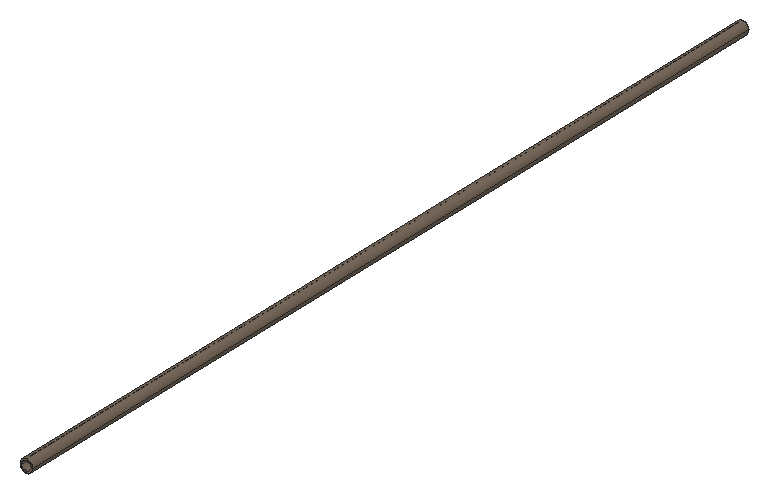
Revit family "111014001029286", category Modelos genéricos, Revit 2018
Family settings
  Puede alojar armadura = No
  Cota de conector redondo = Diámetro de uso
  Tipo de pieza = Normal
  Se basa en plano de trabajo = No
  Siempre vertical = No
  Corte con vacíos al cargar = No
  Compartido = No
  Punto de cálculo de habitación = No
Parameters (values of type "BARRA CLOSET PP C/ACERO 1" CAFE TIRA 1.8MT")
  Ventajas = ""
  Uso = "Se instala en los baños para colgar la cortina de las duchas.\r\nEn el caso de ser instalado en el closet, se utiliza para colgar la ropa"
  Unidad = "Tira 1.80 mts."
  URL = "https://www.empresascnp.cl/"
  Num SKUs = "111014001029286"
  Nombre SKU = "BARRA CLOSET PP C/ACERO 1\" CAFE TIRA 1.8MT"
  Modelo = "BARRA CLOSET PP C/ACERO 1\""
  Material = PP con acero cafe
  Url Ficha tecnica = "https://empresascnp.cl/wp-content/uploads//pdf/ficha-tecnica-barra-bano-pp-c-acero-1-blanco-tira-1-2mt.pdf"
  Largo = 1800.00 mm
  Espesor = 0.00 mm
  Empresa = "CNP SPA."
  Dureza = ""
  Dimension = 23.00 mm
  Descripción = "Barra closet pp c/acero 1\" 1.8M"
  Contacto = "info@empresascnp.cl"
  Color = "Café"
  Aplicacion = "Barra de  cortina para baños y uso en closet."
Reference planes
  plane 1 "Center F/B": y = 0
  plane 2: z = 0
  plane 3 "Center L/R": x = 0
  plane 4: z = 23
  plane 5 "2": y = 900
  plane 6 "3": y = -900
Forms (mm)
  Extrusion 1, solid, material "PP con acero cafe" <- "Material"
    sketch origin (0, 0, 0) x (1, 0, 0) y (0, 0, 1)
      loop
        circle (0, 25.4) r 12.7
      loop
        circle (0, 25.4) r 9.7
    from -900 to 900
Dimensions and locks
  "Dimension": plane 4 to level
  equal spacing: plane 6 "3", plane 1 "Center F/B", plane 5 "2"
  "Largo": plane 6 "3" to plane 5 "2"
  radius of Extrusion 1 sketch curve = 12.70 mm
  aligned and locked: plane 6 "3" to Extrusion 1
  aligned and locked: Extrusion 1 to plane 5 "2"
Automatic sketch dimensions
  Extrusion 1 sketch curve to plane 3 "Center L/R" = 0.00 mm
  level to Extrusion 1 sketch curve = 25.40 mm
  Extrusion 1 sketch curve to Extrusion 1 sketch curve = 0.00 mm  (x2)
  radius of Extrusion 1 sketch curve = 12.70 mm
  radius of Extrusion 1 sketch curve = 9.70 mm
